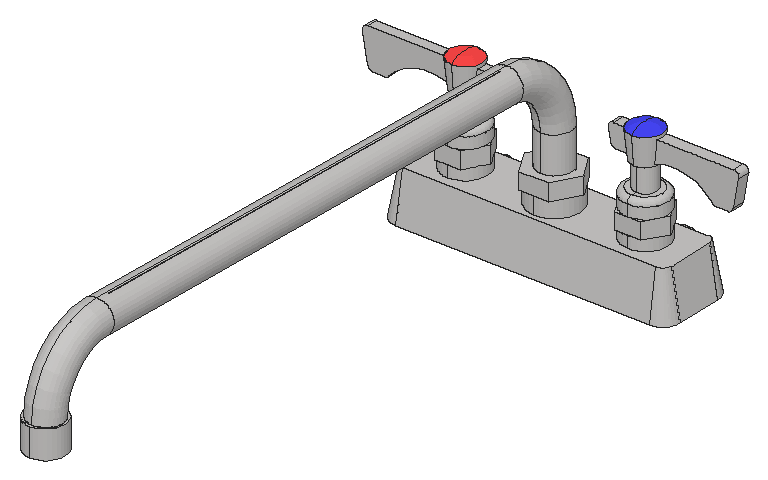
Revit family "Krowne_15-314L_DeckMount_Faucet", category Plumbing Fixtures, Revit 2018
Family settings
  Round Connector Dimension = Use Diameter
  Part Type = Normal
  OmniClass Number = 23.40.40.00
  OmniClass Title = Food Service Equipment and Furnishings
  Work Plane-Based = No
  Always vertical = Yes
  Cut with Voids When Loaded = No
  Shared = No
  Room Calculation Point = No
Parameters (values of type "DefaultType")
  Width = 8 3/8"
  Weight in Pounds = 5
  Watermarked By = ""
  Waste Water Discharge Temperature [instance] = -459.67 °F
  URL Cutsheet = ""
  URL = "https://krowne.com/"
  Status [instance] = ""
  Specification by User [instance] = ""
  Specification by Manufacturer [instance] = ""
  Serial Number [instance] = ""
  Revision Code [instance] = ""
  Plumbing Remarks [instance] = ""
  Plumbing Connection Type = ""
  NAFEM Spec ID Number [instance] = ""
  Model = "15-314L"
  Masterspec [instance] = ""
  Manufacturer = "Krowne Metal"
  KCLRef = "KCL2C9,,0004c584-0000-0000-0000-000000000307,KR,15-314L ,637100863860000000,6ff1c2e7-e0fa-4dcf-9d56-0659e460eb5e,06fee613-696f-4ff0-ba2c-8cfbfbcd927f"
  KCL SpecSheet URL = "http://kclweb.kclcad.com/imagehandler.ashx?kdoc=15-3xxl&R=KR&M=15-314L%20&VC=7&TID=KCLWeb&T=doc"
  Item Number [instance] = "-"
  Installed By [instance] = ""
  Hot Water Temperature = 100 °F
  Hot Water Size = 1/2"
  Hot Water RI Height [instance] = 0"
  Hot Water Minimum Pressure = 0.00 psi
  Hot Water Maximum Pressure = 0.00 psi
  Hot Water Flow = 1.8 GPM
  Hot Water Consumption = 0 GPM
  Hot Water Connection Height = 0"
  Height = 3 3/8"
  Furnished By [instance] = ""
  Foodservice Equipment Identifier = yes
  Description = "Deck Mount Faucet"
  Depth = 1 7/8"
  Cold Water Temperature Recommended = -459.67 °F
  Cold Water Size = 1/2"
  Cold Water RI Height [instance] = 0"
  Cold Water Minimum Pressure = 0.00 psi
  Cold Water Maximum Pressure = 0.00 psi
  Cold Water Flow = 1.8 GPM
  Cold Water Consumption = ""
  Cold Water Connection Height = 0"
  CSI MasterFormat = ""
  Assembly Code = "E1090300"
Reference planes (in)
  plane 1 "BACK": y = 0
  plane 2: z = 0
  plane 3 "LEFT": x = -16.75323
  plane 4 "RIGHT": x = -8.37823
  plane 5 "FRONT": y = -1.875
  plane 6 "TOP": z = 3.375
  plane 7 "CENTER L/R": x = -12.56573
  plane 8 "Top of Body": z = 1.0625
  plane 9: y = -0.9375
  plane 10: z = 2.375
  plane 11: y = -15.0625
  plane 12: z = 4.75
Forms (in)
  Sweep 1, solid, material "QF_Stainless-Polished"
    path origin (-12.56573, 0, 0) x (0, 1, 0) y (0, 0, 1)
      loop
        line (-0.9375, 1.0625) -> (-0.9375, 2.61833)
        arc (-0.9375, 2.61833) -> (-1.32434, 3.57445) -> (-2.26719, 3.99258) r 1.375
        line (-2.26719, 3.99258) -> (-13.64219, 4.36758)
        arc (-13.64219, 4.36758) -> (-14.64362, 3.98149) -> (-15.0625, 2.99333) r 1.375
        line (-15.0625, 2.99333) -> (-15.0625, 2.375)
    profile origin (-12.56573, -0.9375, 1.84042) x (0, -1, 0) y (1, 0, 0)
      loop
        circle (0, 0) r 0.375
      loop
        circle (0, 0) r 0.25
  Extrusion 2, solid, material "QF_Stainless-Polished"
    sketch origin (0, 0, 1.0625) x (0, 1, 0) y (-1, 0, 0)
      loop
        circle (-0.9375, 12.56573) r 0.375
      loop
        circle (-0.9375, 12.56573) r 0.4375
    from 0 to 0.625
  Extrusion 3, solid, material "QF_Stainless-Polished"
    sketch origin (0, 0, 1.0625) x (0, 1, 0) y (-1, 0, 0)
      loop
        circle (-0.9375, 12.56573) r 0.5625
      loop
        circle (-0.9375, 12.56573) r 0.375
    from 0 to 0.375
  Extrusion 4, solid, material "QF_Stainless-Polished"
    sketch origin (0, 0, 1.4375) x (0, 1, 0) y (-1, 0, 0)
      loop
        line (-0.9375, 11.91391) -> (-0.37301, 12.23982) -> (-0.37301, 12.89163) -> (-0.9375, 13.21754) -> (-1.50199, 12.89163) -> (-1.50199, 12.23982) -> (-0.9375, 11.91391)
      loop
        circle (-0.9375, 12.56573) r 0.375
    from 0 to 0.375
  Extrusion 5, solid, material "QF_Stainless-Polished"
    sketch origin (-12.56573, -15.0625, 2.375) x (0, -1, 0) y (-1, 0, 0)
      loop
        circle (0, 0) r 0.375
      loop
        circle (0, 0) r 0.4375
    from 0 to -0.625
Lines and regions (in)
  symbolic lines
    curve 1: line (-12.23982, -0.37301, 0) -> (-12.89163, -0.37301, 0)
    curve 2: line (-12.89163, -0.37301, 0) -> (-13.21754, -0.9375, 0)
    curve 3: line (-13.21754, -0.9375, 0) -> (-12.94073, -1.41696, 0)
    curve 4: line (-12.19073, -1.41696, 0) -> (-11.91391, -0.9375, 0)
    curve 5: line (-11.91391, -0.9375, 0) -> (-12.23982, -0.37301, 0)
    curve 6: arc (-12.56573, -1.3125, 0) -> (-12.94073, -0.9375, 0) -> (-12.56573, -0.5625, 0) r 0.375
    curve 7: arc (-12.56573, -0.5625, 0) -> (-12.19073, -0.9375, 0) -> (-12.56573, -1.3125, 0) r 0.375
    curve 8: arc (-12.94073, -15.0625, 0) -> (-12.83089, -15.32767, 0) -> (-12.56573, -15.4375, 0) r 0.375
    curve 9: arc (-12.56573, -15.4375, 0) -> (-12.30056, -15.32767, 0) -> (-12.19073, -15.0625, 0) r 0.375
    curve 10: line (-12.94073, -15.0625, 0) -> (-12.94073, -0.9375, 0)
    curve 11: line (-12.19073, -0.9375, 0) -> (-12.19073, -15.0625, 0)
Dimensions and locks (in)
  "Width": plane 3 "LEFT" to plane 4 "RIGHT"
  "Depth": plane 5 "FRONT" to plane 1 "BACK"
  "Height": plane 6 "TOP" to plane 2
  plane 8 "Top of Body" to level = 1 1/16"
  equal spacing: plane 5 "FRONT", plane 9, plane 1 "BACK"
  equal spacing: plane 3 "LEFT", plane 7 "CENTER L/R", plane 4 "RIGHT"
  plane 10 to plane 8 "Top of Body" = 1 5/16"
  plane 11 to plane 1 "BACK" = 15 1/16"
  plane 12 to plane 8 "Top of Body" = 3 11/16"
  aligned and locked: level to plane 2
  aligned and locked: plane 9 to Sweep 1 sketch curve
  aligned and locked: Sweep 1 sketch curve to plane 11
  aligned and locked: plane 10 to Sweep 1 sketch curve
Automatic sketch dimensions
  Sweep 1 sketch curve to Sweep 1 sketch curve = 0"  (x2)
  Sweep 1 sketch curve to plane 7 "CENTER L/R" = 0"
  Sweep 1 sketch curve to profile plane = 0"
  Extrusion 2 sketch curve to Extrusion 2 sketch curve = 0"  (x2)
  Extrusion 2 sketch curve to plane 7 "CENTER L/R" = 0"
  plane 9 to Extrusion 2 sketch curve = 0"
  Extrusion 4 sketch curve to Extrusion 4 sketch curve = 0"  (x2)
  Extrusion 4 sketch curve to Extrusion 4 sketch curve = 0.56449"  (x2)
  Extrusion 4 sketch curve to Extrusion 4 sketch curve = 0.32591"  (x5)
  Extrusion 4 sketch curve to Extrusion 4 sketch curve = 0.65182"
  curve 8 to curve 9 = 0"
  plane 9 to curve 2 = 0"
  plane 11 to curve 10 = 0"
  plane 9 to curve 10 = 0"
  curve 6 to plane 7 "CENTER L/R" = 0"
  plane 9 to curve 11 = 0"
  plane 9 to curve 4 = 0"
  plane 9 to curve 6 = 0"
  curve 1 to plane 7 "CENTER L/R" = 0.32591"
  curve 10 to curve 8 = 3/8"
  curve 3 to curve 10 = 0.27682"
  plane 7 "CENTER L/R" to curve 5 = 0.32591"
  curve 11 to curve 4 = 0.27682"
  plane 1 "BACK" to curve 1 = 0.37301"
  curve 3 to curve 6 = 0.10446"
  curve 4 to curve 6 = 0.10446"
  Extrusion 3 sketch curve to Extrusion 3 sketch curve = 0"  (x2)
  Extrusion 3 sketch curve to plane 7 "CENTER L/R" = 0"
  plane 9 to Extrusion 3 sketch curve = 0"
  Sweep 1 sketch curve to plane 8 "Top of Body" = 0"
  Sweep 1 sketch curve to plane 6 "TOP" = 0.38167"
  Sweep 1 sketch curve to plane 12 = 0.38242"
  Sweep 1 sketch curve to Sweep 1 sketch curve = 0.04531"
  plane 5 "FRONT" to Sweep 1 sketch curve = 7/16"
  plane 5 "FRONT" to Sweep 1 sketch curve = 0.39219"
  plane 10 to Sweep 1 sketch curve = 0.24333"
  radius of Sweep 1 sketch curve = 3/8"
  radius of Sweep 1 sketch curve = 1/4"
  radius of Extrusion 2 sketch curve = 3/8"
  radius of Extrusion 2 sketch curve = 7/16"
  radius of Extrusion 4 sketch curve to Extrusion 3 = 0"
  radius of Extrusion 5 sketch curve to Sweep 1 = 0"
  radius of Sweep 1 to Extrusion 5 sketch curve = 1/16"
  radius of Extrusion 3 sketch curve = 9/16"
  radius of Extrusion 3 sketch curve = 3/8"
Nested families (in)
  nested 1: "QF_Krowne_15-3_Body" at (-0.1875, 0, 0), type "QF_Krowne_15-3_Body"
Connectors (in)
  piping at (-14.56573, 0.25, 0.53125), diameter 0.5, driven by "Hot Water Flow", driven by "Hot Water Size"
    settings: on nested 1, index 1, connector inside diameter 24", connector length 0", flow factor 0, pipe flow 1.8 GPM, pressure drop 0.00 psi, fitting loss kfactor 0, connector angle 0.00°, fixture units 0, engagement length 0", angle of deflection 0.00°, flow configuration 1, flow direction 1, fitting loss method 0, system type 19, joint type 0, gender type 0, connector reference index -1, connector utility 0, adjustable connector no, is connector primary yes, connector description "HOT WATER"
  piping at (-10.56573, 0.25, 0.53125), diameter 0.5, driven by "Cold Water Flow", driven by "Cold Water Size"
    settings: on nested 1, index 2, connector inside diameter 24", connector length 0", flow factor 0, pipe flow 1.8 GPM, pressure drop 0.00 psi, fitting loss kfactor 0, connector angle 0.00°, fixture units 0, engagement length 0", angle of deflection 0.00°, flow configuration 1, flow direction 1, fitting loss method 0, system type 20, joint type 0, gender type 0, connector reference index -1, connector utility 0, adjustable connector no, is connector primary no, connector description "COLD WATER"
Definition of nested family "QF_Krowne_15-3_Body"
  Parameters (values of type "QF_Krowne_15-3_Body")
    Width = 8 5/16"
    Watermarked By = ""
    Height = 3 7/8"
    Description = ""
    Depth = 1 13/16"
  Reference planes (in)
    plane 1 "BACK": y = 0
    plane 2: z = 0
    plane 3 "LEFT": x = -16.53448
    plane 4 "RIGHT": x = -8.22198
    plane 5 "TOP": z = 3.1875
    plane 6 "Center": x = -12.37823
    plane 7 "Left of Handle": x = -14.37823
    plane 8 "Right of Handle": x = -10.37823
    plane 9 "Top of Body": z = 1.0625
    plane 10 "FRONT": y = -1.8125
    plane 11: x = -15.56573
    plane 12: x = -9.19073
    plane 13 "Faucet Handle Center": y = -0.90625
    plane 14: y = -0.78125
    plane 15: y = -1.03125
    plane 16: z = 0.53125
    plane 17: z = 3.375
  Forms (in)
    Blend 1, solid
      base sketch origin (0, 0, 0) x (1, 0, 0) y (0, 1, 0)
        loop
          line (-15.19073, -1.8125) -> (-9.56573, -1.8125)
          arc (-9.56573, -1.8125) -> (-9.30056, -1.70267) -> (-9.19073, -1.4375) r 0.375
          line (-9.19073, -1.4375) -> (-9.19073, -0.375)
          arc (-9.19073, -0.375) -> (-9.30056, -0.10983) -> (-9.56573, 0) r 0.375
          line (-9.56573, 0) -> (-15.19073, 0)
          arc (-15.19073, 0) -> (-15.45589, -0.10983) -> (-15.56573, -0.375) r 0.375
          line (-15.56573, -0.375) -> (-15.56573, -1.4375)
          arc (-15.56573, -1.4375) -> (-15.45589, -1.70267) -> (-15.19073, -1.8125) r 0.375
      top sketch origin (0, 0, 0) x (1, 0, 0) y (0, 1, 0)
        loop
          arc (-15.37823, -1.4375) -> (-15.32331, -1.57008) -> (-15.19073, -1.625) r 0.1875
          line (-15.19073, -1.625) -> (-9.56573, -1.625)
          arc (-9.56573, -1.625) -> (-9.43314, -1.57008) -> (-9.37823, -1.4375) r 0.1875
          line (-9.37823, -1.4375) -> (-9.37823, -0.375)
          arc (-9.37823, -0.375) -> (-9.43314, -0.24242) -> (-9.56573, -0.1875) r 0.1875
          line (-9.56573, -0.1875) -> (-15.19073, -0.1875)
          arc (-15.19073, -0.1875) -> (-15.32331, -0.24242) -> (-15.37823, -0.375) r 0.1875
          line (-15.37823, -0.375) -> (-15.37823, -1.4375)
      from 0 to 1.0625
    Extrusion 2, solid
      sketch origin (0, 0, 1.0625) x (0, 1, 0) y (-1, 0, 0)
        loop
          circle (-0.90625, 14.37823) r 0.5
        loop
          circle (-0.90625, 10.37823) r 0.5
      from 0 to 0.25
    Extrusion 3, solid
      sketch origin (0, 0, 1.3125) x (0, 1, 0) y (-1, 0, 0)
        loop
          line (-0.90625, 13.81573) -> (-0.41911, 14.09698) -> (-0.41911, 14.65948) -> (-0.90625, 14.94073) -> (-1.39339, 14.65948) -> (-1.39339, 14.09698) -> (-0.90625, 13.81573)
        loop
          line (-0.90625, 9.81573) -> (-0.41911, 10.09698) -> (-0.41911, 10.65948) -> (-0.90625, 10.94073) -> (-1.39339, 10.65948) -> (-1.39339, 10.09698) -> (-0.90625, 9.81573)
      from 0 to 0.375
    Revolve 4, solid
      sketch origin (-14.37823, 0, 0) x (0, 1, 0) y (0, 0, 1)
        loop
          line (-0.90625, 1.6875) -> (-0.40625, 1.6875) -> (-0.40625, 1.9375)
          arc (-0.40625, 1.9375) -> (-0.44286, 2.02589) -> (-0.53125, 2.0625) r 0.125
          line (-0.53125, 2.0625) -> (-0.90625, 2.0625) -> (-0.90625, 1.6875)
        axis (-0.90625, 1.6875) -> (-0.90625, 2.0625)
      angle from 0 to 360
    Revolve 5, solid
      sketch origin (-10.37823, 0, 0) x (0, 1, 0) y (0, 0, 1)
        loop
          line (-0.90625, 1.6875) -> (-0.40625, 1.6875) -> (-0.40625, 1.9375)
          arc (-0.40625, 1.9375) -> (-0.44286, 2.02589) -> (-0.53125, 2.0625) r 0.125
          line (-0.53125, 2.0625) -> (-0.90625, 2.0625) -> (-0.90625, 1.6875)
        axis (-0.90625, 1.6875) -> (-0.90625, 2.0625)
      angle from 0 to 360
    Revolve 6, solid
      sketch origin (-10.37823, 0, 0) x (0, 1, 0) y (0, 0, 1)
        loop
          line (-0.90625, 2.0625) -> (-0.65625, 2.0625) -> (-0.65625, 2.625) -> (-0.90625, 2.625) -> (-0.90625, 2.0625)
        axis (-0.90625, 2.0625) -> (-0.90625, 2.625)
      angle from 0 to 360
    Revolve 7, solid
      sketch origin (-14.37823, 0, 0) x (0, 1, 0) y (0, 0, 1)
        loop
          line (-0.90625, 2.0625) -> (-0.65625, 2.0625) -> (-0.65625, 2.625) -> (-0.90625, 2.625) -> (-0.90625, 2.0625)
        axis (-0.90625, 2.0625) -> (-0.90625, 2.625)
      angle from 0 to 360
    Revolve 8, solid
      sketch origin (-14.37823, 0, 0) x (0, 1, 0) y (0, 0, 1)
        loop
          line (-0.90625, 2.625) -> (-0.59375, 2.625) -> (-0.53125, 3.25) -> (-0.90625, 3.25) -> (-0.90625, 2.625)
        axis (-0.90625, 2.625) -> (-0.90625, 3.25)
      angle from 0 to 360
    Revolve 9, solid
      sketch origin (-10.37823, 0, 0) x (0, 1, 0) y (0, 0, 1)
        loop
          line (-0.90625, 2.625) -> (-0.59375, 2.625) -> (-0.53125, 3.25) -> (-0.90625, 3.25) -> (-0.90625, 2.625)
        axis (-0.90625, 2.625) -> (-0.90625, 3.25)
      angle from 0 to 360
    Revolve 10, solid
      sketch origin (-14.37823, 0, 0) x (0, 1, 0) y (0, 0, 1)
        loop
          line (-0.90625, 3.25) -> (-0.53125, 3.25)
          arc (-0.53125, 3.25) -> (-0.70704, 3.34763) -> (-0.90625, 3.375) r 0.54601
          line (-0.90625, 3.375) -> (-0.90625, 3.25)
        axis (-0.90625, 3.25) -> (-0.90625, 3.375)
      angle from 0 to 360
    Revolve 11, solid
      sketch origin (-10.37823, 0, 0) x (0, 1, 0) y (0, 0, 1)
        loop
          line (-0.90625, 3.25) -> (-0.53125, 3.25)
          arc (-0.53125, 3.25) -> (-0.70704, 3.34763) -> (-0.90625, 3.375) r 0.54601
          line (-0.90625, 3.375) -> (-0.90625, 3.25)
        axis (-0.90625, 3.25) -> (-0.90625, 3.375)
      angle from 0 to 360
    Extrusion 12, solid
      sketch origin (0, 0, 0) x (1, 0, 0) y (0, 0, 1)
        loop
          circle (-14.37823, 0.53125) r 0.25
        loop
          circle (-10.37823, 0.53125) r 0.25
      from 0.21074 to -0.25
    Extrusion 13, solid
      sketch origin (0, -0.90625, 0) x (1, 0, 0) y (0, 0, 1)
        loop
          arc (-16.43825, 3.1875) -> (-16.53492, 3.14175) -> (-16.56082, 3.03799) r 0.125
          line (-16.56082, 3.03799) -> (-16.43584, 2.41303)
          arc (-16.43584, 2.41303) -> (-16.39251, 2.34087) -> (-16.31326, 2.31254) r 0.125
          line (-16.31326, 2.31254) -> (-16.06338, 2.31254)
          arc (-16.06338, 2.31254) -> (-16.01059, 2.32423) -> (-15.96768, 2.35712) r 0.125
          arc (-15.96768, 2.35712) -> (-15.39497, 2.72229) -> (-14.7163, 2.69449) r 1.13354
          arc (-14.7163, 2.69449) -> (-14.69547, 2.68898) -> (-14.674, 2.68712) r 0.125
          line (-14.674, 2.68712) -> (-13.83077, 2.68712)
          arc (-13.83077, 2.68712) -> (-13.75152, 2.71545) -> (-13.7082, 2.78761) r 0.125
          line (-13.7082, 2.78761) -> (-13.65813, 3.03799)
          arc (-13.65813, 3.03799) -> (-13.68403, 3.14175) -> (-13.7807, 3.1875) r 0.125
          line (-13.7807, 3.1875) -> (-16.43825, 3.1875)
        loop
          line (-8.3182, 3.1875) -> (-10.97575, 3.1875)
          arc (-10.97575, 3.1875) -> (-11.07242, 3.14175) -> (-11.09832, 3.03799) r 0.125
          line (-11.09832, 3.03799) -> (-11.04825, 2.78761)
          arc (-11.04825, 2.78761) -> (-11.00493, 2.71545) -> (-10.92568, 2.68712) r 0.125
          line (-10.92568, 2.68712) -> (-10.08245, 2.68712)
          arc (-10.08245, 2.68712) -> (-10.06098, 2.68898) -> (-10.04015, 2.69449) r 0.125
          arc (-10.04015, 2.69449) -> (-9.36148, 2.72229) -> (-8.78877, 2.35712) r 1.13354
          arc (-8.78877, 2.35712) -> (-8.74586, 2.32423) -> (-8.69307, 2.31254) r 0.125
          line (-8.69307, 2.31254) -> (-8.44319, 2.31254)
          arc (-8.44319, 2.31254) -> (-8.36394, 2.34087) -> (-8.32061, 2.41303) r 0.125
          line (-8.32061, 2.41303) -> (-8.19563, 3.03799)
          arc (-8.19563, 3.03799) -> (-8.22153, 3.14175) -> (-8.3182, 3.1875) r 0.125
      from -0.125 to 0.125
  Lines and regions (in)
    symbolic lines
      curve 1: line (-16.56082, -0.78125, 1.0625) -> (-13.6557, -0.78125, 1.0625)
      curve 2: line (-16.56082, -1.03125, 1.0625) -> (-16.56082, -0.78125, 1.0625)
      curve 3: line (-13.6557, -1.03125, 1.0625) -> (-16.56082, -1.03125, 1.0625)
      curve 4: line (-13.6557, -0.78125, 1.0625) -> (-13.6557, -1.03125, 1.0625)
      curve 5: line (-8.22198, -0.78125, 1.0625) -> (-11.10075, -0.78125, 1.0625)
      curve 6: line (-8.22198, -1.03125, 1.0625) -> (-8.22198, -0.78125, 1.0625)
      curve 7: line (-11.10075, -1.03125, 1.0625) -> (-8.22198, -1.03125, 1.0625)
      curve 8: line (-11.10075, -0.78125, 1.0625) -> (-11.10075, -1.03125, 1.0625)
      curve 9: line (-9.56573, 0, 1.0625) -> (-15.19073, 0, 1.0625)
      curve 10: line (-9.19073, -1.4375, 1.0625) -> (-9.19073, -1.03125, 1.0625)
      curve 11: line (-15.19073, -1.8125, 1.0625) -> (-9.56573, -1.8125, 1.0625)
      curve 12: line (-15.56573, -0.375, 1.0625) -> (-15.56573, -0.78125, 1.0625)
      curve 13: line (-15.56573, -1.03125, 1.0625) -> (-15.56573, -1.4375, 1.0625)
      curve 14: line (-9.19073, -0.78125, 1.0625) -> (-9.19073, -0.375, 1.0625)
      curve 15: line (-14.65948, -0.41911, 1.0625) -> (-14.86856, -0.78125, 1.0625)
      curve 16: line (-14.65948, -0.41911, 1.0625) -> (-14.09698, -0.41911, 1.0625)
      curve 17: line (-14.09698, -0.41911, 1.0625) -> (-13.88789, -0.78125, 1.0625)
      curve 18: line (-14.09698, -1.39339, 1.0625) -> (-14.65948, -1.39339, 1.0625)
      curve 19: line (-14.65948, -1.39339, 1.0625) -> (-14.86856, -1.03125, 1.0625)
      curve 20: line (-14.09698, -1.39339, 1.0625) -> (-13.88789, -1.03125, 1.0625)
      curve 21: line (-10.65948, -0.41911, 1.0625) -> (-10.09698, -0.41911, 1.0625)
      curve 22: line (-10.09698, -0.41911, 1.0625) -> (-9.88789, -0.78125, 1.0625)
      curve 23: line (-10.65948, -0.41911, 1.0625) -> (-10.86856, -0.78125, 1.0625)
      curve 24: line (-10.09698, -1.39339, 1.0625) -> (-10.65948, -1.39339, 1.0625)
      curve 25: line (-10.65948, -1.39339, 1.0625) -> (-10.86856, -1.03125, 1.0625)
      curve 26: line (-10.09698, -1.39339, 1.0625) -> (-9.88789, -1.03125, 1.0625)
      curve 27: arc (-15.56573, -0.375, 1.0625) -> (-15.45589, -0.10983, 1.0625) -> (-15.19073, 0, 1.0625) r 0.375
      curve 28: arc (-9.19073, -0.375, 1.0625) -> (-9.30056, -0.10983, 1.0625) -> (-9.56573, 0, 1.0625) r 0.375
      curve 29: arc (-9.19073, -1.4375, 1.0625) -> (-9.30056, -1.70267, 1.0625) -> (-9.56573, -1.8125, 1.0625) r 0.375
      curve 30: arc (-15.19073, -1.8125, 1.0625) -> (-15.45589, -1.70267, 1.0625) -> (-15.56573, -1.4375, 1.0625) r 0.375
      curve 31: line (-9.56573, -0.1875, 1.0625) -> (-15.19073, -0.1875, 1.0625)
      curve 32: arc (-15.19073, -0.1875, 1.0625) -> (-15.32331, -0.24242, 1.0625) -> (-15.37823, -0.375, 1.0625) r 0.1875
      curve 33: arc (-15.37823, -1.4375, 1.0625) -> (-15.32331, -1.57008, 1.0625) -> (-15.19073, -1.625, 1.0625) r 0.1875
      curve 34: line (-15.19073, -1.625, 1.0625) -> (-9.56573, -1.625, 1.0625)
      curve 35: arc (-9.56573, -1.625, 1.0625) -> (-9.43314, -1.57008, 1.0625) -> (-9.37823, -1.4375, 1.0625) r 0.1875
      curve 36: arc (-9.37823, -0.375, 1.0625) -> (-9.43314, -0.24242, 1.0625) -> (-9.56573, -0.1875, 1.0625) r 0.1875
      curve 37: line (-9.37823, -0.375, 1.0625) -> (-9.37823, -0.78125, 1.0625)
      curve 38: line (-9.37823, -1.4375, 1.0625) -> (-9.37823, -1.03125, 1.0625)
      curve 39: line (-15.37823, -1.4375, 1.0625) -> (-15.37823, -1.03125, 1.0625)
      curve 40: line (-15.37823, -0.375, 1.0625) -> (-15.37823, -0.78125, 1.0625)
  Dimensions and locks (in)
    "Width": plane 3 "LEFT" to plane 4 "RIGHT"
    equal spacing: plane 3 "LEFT", plane 6 "Center", plane 4 "RIGHT"
    equal spacing: plane 7 "Left of Handle", plane 6 "Center", plane 8 "Right of Handle"
    plane 9 "Top of Body" to level = 1 1/16"
    equal spacing: plane 10 "FRONT", plane 13 "Faucet Handle Center", plane 1 "BACK"
    equal spacing: plane 15, plane 13 "Faucet Handle Center", plane 14
    locked: plane 15 to plane 14 at 0.25
    equal spacing: plane 9 "Top of Body", plane 16, level
    plane 7 "Left of Handle" to plane 8 "Right of Handle" = 4"
    "Depth": plane 10 "FRONT" to plane 1 "BACK"
    plane 6 "Center" to plane 12 = 3 3/16"
    plane 11 to plane 6 "Center" = 3 3/16"
    plane 5 "TOP" to level = 3 3/16"
    plane 17 to level = 3 3/8"
    aligned and locked: level to plane 2
    aligned and locked: plane 9 "Top of Body" to Blend 1
    aligned and locked: Extrusion 3 to Revolve 5 sketch curve
    aligned and locked: Revolve 8 sketch curve to Revolve 8 sketch curve
    aligned and locked: Revolve 9 sketch curve to Revolve 9 sketch curve
    aligned and locked: plane 4 "RIGHT" to curve 6
    aligned and locked: curve 12 to plane 11
    aligned and locked: Extrusion 13 sketch curve to plane 5 "TOP"
    aligned and locked: plane 5 "TOP" to Extrusion 13 sketch curve
    aligned and locked: Extrusion 13 to plane 14
    aligned and locked: plane 15 to Extrusion 13
    aligned and locked: plane 10 "FRONT" to Blend 1 sketch curve
    aligned and locked: Blend 1 sketch curve to plane 11
    aligned and locked: plane 10 "FRONT" to curve 11
    aligned and locked: plane 13 "Faucet Handle Center" to Revolve 5 sketch curve
  Automatic sketch dimensions
    Extrusion 2 sketch curve to plane 8 "Right of Handle" = 0"
    plane 13 "Faucet Handle Center" to Extrusion 2 sketch curve = 0"  (x2)
    Extrusion 2 sketch curve to plane 7 "Left of Handle" = 0"
    Revolve 4 sketch curve to plane 13 "Faucet Handle Center" = 0"  (x2)
    Revolve 4 sketch curve to Revolve 4 sketch curve = 3/8"
    Revolve 4 sketch curve to Revolve 4 sketch curve = 1/8"
    plane 9 "Top of Body" to Revolve 4 sketch curve = 5/8"
    Revolve 4 sketch curve to Revolve 4 sketch curve = 1/4"
    Revolve 4 sketch curve to Revolve 4 sketch curve = 0"  (x2)
    Revolve 5 sketch curve to plane 13 "Faucet Handle Center" = 0"
    Revolve 5 sketch curve to Revolve 5 sketch curve = 3/8"
    Revolve 5 sketch curve to Revolve 5 sketch curve = 1/8"
    Revolve 5 sketch curve to Revolve 5 sketch curve = 0"  (x2)
    Revolve 5 sketch curve to Revolve 5 sketch curve = 1/4"
    Revolve 6 sketch curve to plane 13 "Faucet Handle Center" = 0"  (x2)
    Revolve 6 sketch curve to plane 13 "Faucet Handle Center" = 1/4"
    plane 9 "Top of Body" to Revolve 6 sketch curve = 1"
    Revolve 6 sketch curve to Revolve 6 sketch curve = 9/16"
    Revolve 6 sketch curve to Revolve 6 sketch curve = 3/8"
    Revolve 6 sketch curve to Revolve 6 sketch curve = 0"
    Revolve 7 sketch curve to plane 13 "Faucet Handle Center" = 0"  (x2)
    Revolve 7 sketch curve to Revolve 7 sketch curve = 1/4"
    plane 9 "Top of Body" to Revolve 7 sketch curve = 1"
    Revolve 7 sketch curve to Revolve 7 sketch curve = 9/16"
    Revolve 7 sketch curve to Revolve 7 sketch curve = 3/8"
    Revolve 7 sketch curve to Revolve 7 sketch curve = 0"
    Revolve 8 sketch curve to plane 13 "Faucet Handle Center" = 0"
    Revolve 8 sketch curve to Revolve 8 sketch curve = 5/16"
    plane 5 "TOP" to Revolve 8 sketch curve = 1/16"
    Revolve 8 sketch curve to Revolve 8 sketch curve = 3/8"
    Revolve 8 sketch curve to plane 5 "TOP" = 9/16"
    Revolve 8 sketch curve to Revolve 8 sketch curve = 0"  (x2)
    Revolve 9 sketch curve to plane 13 "Faucet Handle Center" = 0"
    Revolve 9 sketch curve to plane 13 "Faucet Handle Center" = 5/16"
    plane 5 "TOP" to Revolve 9 sketch curve = 1/16"
    Revolve 9 sketch curve to plane 13 "Faucet Handle Center" = 3/8"
    Revolve 9 sketch curve to plane 5 "TOP" = 9/16"
    Revolve 9 sketch curve to Revolve 9 sketch curve = 0"  (x2)
    Revolve 10 sketch curve to plane 13 "Faucet Handle Center" = 0"  (x2)
    Revolve 10 sketch curve to plane 13 "Faucet Handle Center" = 0.02655"
    plane 5 "TOP" to Revolve 10 sketch curve = 1/16"
    Revolve 10 sketch curve to Revolve 10 sketch curve = 3/8"
    Revolve 10 sketch curve to plane 5 "TOP" = 0.35786"
    Revolve 10 sketch curve to Revolve 10 sketch curve = 0"  (x2)
    Revolve 11 sketch curve to plane 13 "Faucet Handle Center" = 0"  (x2)
    Revolve 11 sketch curve to plane 13 "Faucet Handle Center" = 0.02655"
    plane 5 "TOP" to Revolve 11 sketch curve = 1/16"
    Revolve 11 sketch curve to Revolve 11 sketch curve = 3/8"
    Revolve 11 sketch curve to plane 5 "TOP" = 0.35786"
    Revolve 11 sketch curve to Revolve 11 sketch curve = 0"  (x2)
    Extrusion 12 sketch curve to plane 7 "Left of Handle" = 0"
    Extrusion 12 sketch curve to plane 8 "Right of Handle" = 0"
    Extrusion 12 sketch curve to plane 16 = 0"  (x2)
    Extrusion 13 sketch curve to plane 7 "Left of Handle" = 0.29578"
    plane 11 to Extrusion 13 sketch curve = 0.46583"
    plane 3 "LEFT" to Extrusion 13 sketch curve = 0.4711"
    plane 3 "LEFT" to Extrusion 13 sketch curve = 0.22121"
    plane 3 "LEFT" to Extrusion 13 sketch curve = 0.09864"
    plane 3 "LEFT" to Extrusion 13 sketch curve = 0.09623"
    Extrusion 13 sketch curve to plane 3 "LEFT" = 0.02635"
    plane 7 "Left of Handle" to Extrusion 13 sketch curve = 0.54745"
    Extrusion 13 sketch curve to plane 5 "TOP" = 1/8"  (x2)
    Extrusion 13 sketch curve to Extrusion 13 sketch curve = 0.05007"  (x2)
    Extrusion 13 sketch curve to plane 5 "TOP" = 0.39989"
    Extrusion 13 sketch curve to Extrusion 13 sketch curve = 0.12257"  (x2)
    Extrusion 13 sketch curve to plane 5 "TOP" = 0.14951"  (x4)
    Extrusion 13 sketch curve to plane 8 "Right of Handle" = 0.7201"
    plane 8 "Right of Handle" to Extrusion 13 sketch curve = 0.29578"
    Extrusion 13 sketch curve to plane 12 = 0.46583"
    Extrusion 13 sketch curve to plane 4 "RIGHT" = 0.4711"
    Extrusion 13 sketch curve to plane 4 "RIGHT" = 0.22121"
    Extrusion 13 sketch curve to plane 4 "RIGHT" = 0.09864"
    Extrusion 13 sketch curve to plane 4 "RIGHT" = 0.09623"
    plane 4 "RIGHT" to Extrusion 13 sketch curve = 0.02635"
    Extrusion 13 sketch curve to Extrusion 13 sketch curve = 0.25038"
    Extrusion 13 sketch curve to Extrusion 13 sketch curve = 0.10049"  (x2)
    Extrusion 13 sketch curve to plane 5 "TOP" = 0.74996"  (x2)
    Extrusion 13 sketch curve to Extrusion 13 sketch curve = 0"  (x4)
    Extrusion 13 sketch curve to Extrusion 13 sketch curve = 0.02451"  (x2)
    plane 9 "Top of Body" to Extrusion 13 sketch curve = 0.56533"  (x2)
    Extrusion 13 sketch curve to Extrusion 13 sketch curve = 1/8"  (x2)
    plane 11 to Blend 1 sketch curve = 3/8"
    Blend 1 sketch curve to Blend 1 sketch curve = 3/8"
    plane 1 "BACK" to Blend 1 sketch curve = 3/8"  (x2)
    Blend 1 sketch curve to plane 12 = 3/8"
    Blend 1 sketch curve to plane 12 = 3/16"
    Blend 1 sketch curve to Blend 1 sketch curve = 3/16"  (x4)
    plane 11 to Blend 1 sketch curve = 3/16"
    Blend 1 sketch curve to plane 10 "FRONT" = 3/8"
    plane 1 "BACK" to Blend 1 sketch curve = 0"
    Blend 1 sketch curve to plane 12 = 0"
    curve 27 to curve 32 = 0"  (x2)
    curve 28 to curve 36 = 0"  (x2)
    curve 29 to curve 35 = 0"  (x2)
    curve 30 to curve 33 = 0"  (x2)
    curve 30 to plane 11 = 0"
    curve 29 to plane 12 = 0"
    plane 15 to curve 4 = 0"
    plane 15 to curve 26 = 0"
    plane 14 to curve 40 = 0"
    plane 14 to curve 23 = 0"
    curve 14 to plane 12 = 0"
    plane 1 "BACK" to curve 9 = 0"
    curve 34 to plane 10 "FRONT" = 3/16"
    curve 33 to curve 33 = 3/16"
    curve 34 to curve 35 = 3/16"
    plane 15 to curve 26 = 0.36214"
    plane 15 to curve 20 = 0.36214"
    curve 17 to plane 14 = 0.36214"
    curve 23 to plane 14 = 0.36214"
    curve 27 to curve 27 = 3/8"
    plane 1 "BACK" to curve 14 = 3/8"
    curve 31 to curve 28 = 3/16"
    plane 8 "Right of Handle" to curve 22 = 9/32"
    plane 8 "Right of Handle" to curve 24 = 9/32"
    curve 24 to plane 8 "Right of Handle" = 9/32"
    curve 21 to plane 8 "Right of Handle" = 9/32"
    curve 21 to curve 8 = 0.44128"
    plane 7 "Left of Handle" to curve 4 = 0.72253"
    plane 7 "Left of Handle" to curve 20 = 9/32"
    plane 7 "Left of Handle" to curve 17 = 9/32"
    curve 19 to plane 7 "Left of Handle" = 9/32"
    curve 16 to plane 7 "Left of Handle" = 9/32"
    curve 2 to plane 3 "LEFT" = 0.02635"
    curve 22 to curve 21 = 0.20908"
    curve 26 to curve 22 = 0"
    curve 23 to curve 5 = 0.2322"
    curve 25 to curve 7 = 0.2322"
    curve 3 to curve 20 = 0.2322"
    curve 1 to curve 17 = 0.2322"
    curve 18 to curve 19 = 0.20908"
    curve 15 to curve 19 = 0"
    Extrusion 3 sketch curve to Extrusion 3 sketch curve = 0"
    Extrusion 3 sketch curve to Extrusion 3 sketch curve = 0.48714"  (x6)
    Extrusion 3 sketch curve to Extrusion 3 sketch curve = 9/32"  (x6)
    Extrusion 3 sketch curve to Extrusion 3 sketch curve = 9/16"  (x4)
    Extrusion 3 sketch curve to Extrusion 3 sketch curve = 2 7/8"
    radius of Extrusion 2 sketch curve = 1/2"  (x2)
    radius of Extrusion 12 sketch curve = 1/4"  (x2)
